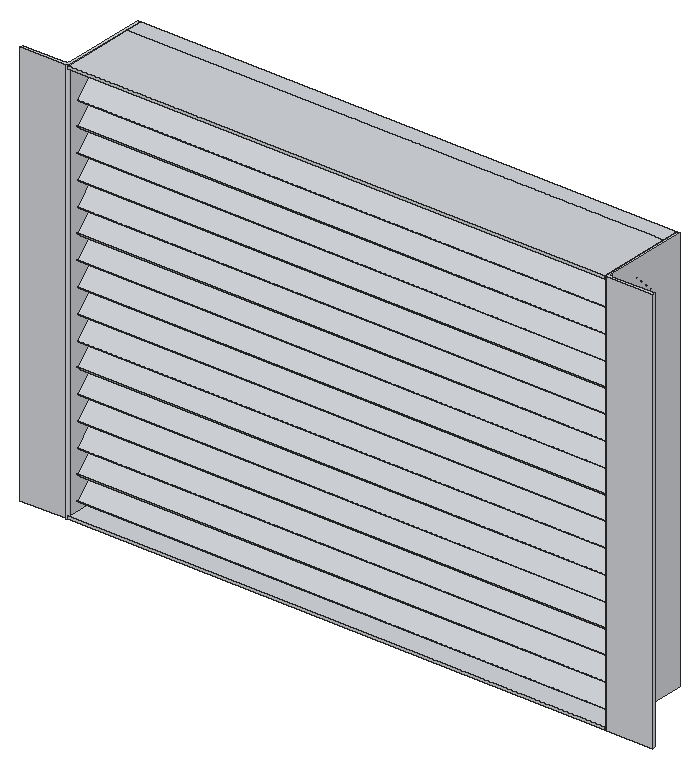
Revit family "FEMA-8 (Internal Mount)", category Mechanical Equipment, Revit 2015
Parameters
  URL = "http://unitedenertech.com/catalog/pdf/A_19h%20FEMA-8-InternalSubmittal.pdf"
  Type Comments = "Max. Single Section Size is (120\"w x 76\"h) or (76\"w x 120\"h)"
  Model = "FEMA-8 (Internal Mount)"
  Manufacturer = "United Enertech Corporation"
  Keynote = "Jamb Flange Mount Shown, See Website for Other Options"
  Exact Width = 4' - 0"
  Exact Height = 3' - 0"
  Description = "8\" Deep FEMA Grille"
  Blade Spacing = 0' - 2 1/8"
  Blade Number [instance] = rounddown((Exact Height - 0' 1 11/16") / 0' 2 1/8")  # 16
  Blade Brace Visibility [instance] = if(Exact Width > 4' 11 115/128", 2 > 1, 1 > 2)  # no
Reference planes (in)
  plane 1 "Center (Front/Back)": y = 0
  plane 2: z = 0
  plane 3 "Center (Left/Right)": x = 0
  plane 4: x = -24
  plane 5: x = 24
  plane 6: z = 36
  plane 7: x = -23.75
  plane 8: x = 23.75
  plane 9: z = 34.55806
  plane 10: z = 0.25
  plane 11: z = 35.75
  plane 12: x = -0.125
Forms (in)
  Extrusion 1, solid
    sketch origin (-39.5493, 49.5493, 24.45682) x (0, 1, 0) y (0, 0, -1)
      loop
        line (-49.5493, 24.45682) -> (-49.5493, 24.20682) -> (-43.01891, 24.20682) -> (-41.5493, 24.20682) -> (-41.5493, 24.45682) -> (-49.5493, 24.45682)
    from -63.2993 to -15.7993
  Extrusion 2, solid
    sketch origin (3.54615, 53.3853, 0) x (0, 1, 0) y (-1, 0, 0)
      loop
        line (-53.1353, 31.54615) -> (-53.3853, 31.54615) -> (-53.3853, 27.54615)
        arc (-53.3853, 27.54615) -> (-53.31208, 27.36937) -> (-53.1353, 27.29615) r 0.25
        line (-53.1353, 27.29615) -> (-45.3853, 27.29615) -> (-45.3853, 27.54615) -> (-52.8853, 27.54615)
        arc (-52.8853, 27.54615) -> (-53.06208, 27.61937) -> (-53.1353, 27.79615) r 0.25
        line (-53.1353, 27.79615) -> (-53.1353, 31.54615)
    from 0 to 36
  Extrusion 3, solid
    sketch origin (-3.54615, 53.3853, 0) x (0, 1, 0) y (-1, 0, 0)
      loop
        line (-53.1353, -31.54615) -> (-53.1353, -27.79615)
        arc (-53.1353, -27.79615) -> (-53.06208, -27.61937) -> (-52.8853, -27.54615) r 0.25
        line (-52.8853, -27.54615) -> (-45.3853, -27.54615) -> (-45.3853, -27.29615) -> (-53.1353, -27.29615)
        arc (-53.1353, -27.29615) -> (-53.31208, -27.36937) -> (-53.3853, -27.54615) r 0.25
        line (-53.3853, -27.54615) -> (-53.3853, -31.54615) -> (-53.1353, -31.54615)
    from 0 to 36
  Extrusion 4, solid
    sketch origin (-39.5493, 49.5493, 48.20682) x (0, 1, 0) y (0, 0, -1)
      loop
        line (-49.5493, 12.45682) -> (-49.5493, 12.20682) -> (-43.01891, 12.20682) -> (-41.5493, 12.20682) -> (-41.5493, 12.45682) -> (-49.5493, 12.45682)
    from -63.2993 to -15.7993
  Extrusion 5, solid, visible <- "Blade Brace Visibility"
    sketch origin (50.94365, -4.40798, 0) x (1, 0, 0) y (0, 1, 0)
      loop
        line (-50.81865, 9.2893) -> (-50.81865, 10.5393) -> (-50.81865, 10.7893) -> (-51.06865, 10.7893) -> (-51.06865, 9.2893) -> (-50.81865, 9.2893)
    from 0.25 to 35.75
Dimensions and locks (in)
  equal spacing: plane 4, plane 3 "Center (Left/Right)", plane 5
  "Exact Width": plane 4 to plane 5
  "Exact Height": plane 6 to level
  locked: plane 4 to plane 7 at 0.25
  locked: plane 8 to plane 5 at 0.25
  locked: plane 6 to plane 9 at 1.44194
  equal spacing: group 1, group 2, group 3, group 4, group 5, group 6, group 7, group 8, group 9, group 10, group 11, group 12, group 13, group 14, group 15, group 16  (x2)
  equal spacing: group 16, group 15, group 14, group 13, group 12, group 11, group 10, group 9, group 8, group 7, group 6, group 5, group 4, group 3, group 2, group 1
  "Blade Spacing": nested 2 to nested 1
  locked: plane 10 to level at 0.25
  locked: plane 6 to plane 11 at 0.25
  locked: plane 12 to plane 3 "Center (Left/Right)" at 0.125
  aligned and locked: level to plane 2
  aligned and locked: plane 8 to Extrusion 1
  aligned and locked: Extrusion 1 to plane 7
  aligned and locked: plane 6 to Extrusion 2
  aligned and locked: plane 6 to Extrusion 3
  aligned and locked: Extrusion 3 to level
  aligned and locked: Extrusion 2 to level
  aligned and locked: plane 6 to Extrusion 4
  aligned and locked: Extrusion 4 to plane 7
  aligned and locked: plane 8 to Extrusion 4
  aligned and locked: plane 3 "Center (Left/Right)" to nested 1
  aligned and locked: nested 1 to plane 9
  aligned and locked: nested 2 to nested 1
  aligned and locked: Extrusion 5 to plane 10
  aligned and locked: plane 11 to Extrusion 5
  aligned and locked: Extrusion 5 to plane 12
Automatic sketch dimensions
  Extrusion 1 sketch curve to plane 1 "Center (Front/Back)" = 0' - 0"
  Extrusion 1 sketch curve to level = 0' - 0"
  level to Extrusion 1 sketch curve = 0' - 0 1/4"
  Extrusion 1 sketch curve to plane 1 "Center (Front/Back)" = 0' - 6.5304"
  Extrusion 1 sketch curve to Extrusion 1 sketch curve = 0' - 1.4696"
  plane 1 "Center (Front/Back)" to Extrusion 2 sketch curve = 0' - 0"
  Extrusion 2 sketch curve to plane 7 = 0' - 0"
  Extrusion 2 sketch curve to plane 4 = 0' - 0"  (x2)
  Extrusion 2 sketch curve to plane 1 "Center (Front/Back)" = 0' - 0 1/4"
  plane 4 to Extrusion 2 sketch curve = 0' - 0 1/4"
  Extrusion 2 sketch curve to Extrusion 2 sketch curve = 0' - 7 1/2"
  Extrusion 2 sketch curve to Extrusion 2 sketch curve = 0' - 3 3/4"
  plane 1 "Center (Front/Back)" to Extrusion 3 sketch curve = 0' - 0"
  Extrusion 3 sketch curve to plane 8 = 0' - 0"
  Extrusion 3 sketch curve to plane 5 = 0' - 0"  (x2)
  Extrusion 3 sketch curve to Extrusion 3 sketch curve = 0' - 0 1/4"  (x2)
  Extrusion 3 sketch curve to Extrusion 3 sketch curve = 0' - 7 1/2"
  Extrusion 3 sketch curve to Extrusion 3 sketch curve = 0' - 3 3/4"
  Extrusion 4 sketch curve to plane 1 "Center (Front/Back)" = 0' - 0"
  Extrusion 4 sketch curve to Extrusion 4 sketch curve = 0' - 6.5304"
  Extrusion 4 sketch curve to Extrusion 4 sketch curve = 0' - 1.4696"
  level to Extrusion 4 sketch curve = 3' - 0"
  Extrusion 4 sketch curve to Extrusion 4 sketch curve = 0' - 0 1/4"
  Extrusion 5 sketch curve to plane 4 = 1' - 11 7/8"
  Extrusion 5 sketch curve to Extrusion 5 sketch curve = 0' - 0 1/4"  (x2)
  Extrusion 5 sketch curve to plane 1 "Center (Front/Back)" = 0' - 6.13132"
  Extrusion 5 sketch curve to Extrusion 5 sketch curve = 0' - 1 1/4"
Nested families (in)
  nested 1: "FEMURBLADE" at (0, 0.70094, 27.85095), type "FEMURBLADE"
    with Blade Width 4' - 0"
  nested 2: "FEMURBLADE" at (0, 0.70094, 25.72595), type "FEMURBLADE"
    with Blade Width 4' - 0"
  nested 3: "FEMURBLADE" at (0, 0.70094, 23.60095), type "FEMURBLADE"
    with Blade Width 4' - 0"
  nested 4: "FEMURBLADE" at (0, 0.70094, 21.47595), type "FEMURBLADE"
    with Blade Width 4' - 0"
  nested 5: "FEMURBLADE" at (0, 0.70094, 19.35095), type "FEMURBLADE"
    with Blade Width 4' - 0"
  nested 6: "FEMURBLADE" at (0, 0.70094, 17.22595), type "FEMURBLADE"
    with Blade Width 4' - 0"
  nested 7: "FEMURBLADE" at (0, 0.70094, 15.10095), type "FEMURBLADE"
    with Blade Width 4' - 0"
  nested 8: "FEMURBLADE" at (0, 0.70094, 12.97595), type "FEMURBLADE"
    with Blade Width 4' - 0"
  nested 9: "FEMURBLADE" at (0, 0.70094, 10.85095), type "FEMURBLADE"
    with Blade Width 4' - 0"
  nested 10: "FEMURBLADE" at (0, 0.70094, 8.72595), type "FEMURBLADE"
    with Blade Width 4' - 0"
  nested 11: "FEMURBLADE" at (0, 0.70094, 6.60095), type "FEMURBLADE"
    with Blade Width 4' - 0"
  nested 12: "FEMURBLADE" at (0, 0.70094, 4.47595), type "FEMURBLADE"
    with Blade Width 4' - 0"
  nested 13: "FEMURBLADE" at (0, 0.70094, 2.35095), type "FEMURBLADE"
    with Blade Width 4' - 0"
  nested 14: "FEMURBLADE" at (0, 0.70094, 0.22595), type "FEMURBLADE"
    with Blade Width 4' - 0"
  nested 15: "FEMURBLADE" at (0, 0.70094, -1.89905), type "FEMURBLADE"
    with Blade Width 4' - 0"
  nested 16: "FEMURBLADE" at (0, 0.70094, -4.02405), type "FEMURBLADE"
    with Blade Width 4' - 0"
Definition of nested family "FEMURBLADE"
  Parameters (values of type "FEMURBLADE")
    Blade Width = 1' - 0"
  Reference planes (in)
    plane 1 "Center (Front/Back)": y = 0
    plane 2: z = 0
    plane 3 "Center (Left/Right)": x = 0
    plane 4: x = -6
    plane 5: x = 6
  Forms (in)
    Extrusion 1, solid
      sketch origin (-5.80963, 2.23001, 3.57962) x (0, 1, 0) y (0, 0, 1)
        loop
          line (-1.93095, 1.44811) -> (-1.75417, 1.27133) -> (0.01359, 3.0391) -> (0.10198, 3.12749) -> (0.27876, 3.12749) -> (0.36715, 3.0391) -> (2.13491, 1.27133) -> (2.31169, 1.44811) -> (0.19037, 3.56943) -> (-1.93095, 1.44811)
      from -0.19037 to 11.80963
  Dimensions and locks (in)
    equal spacing: plane 4, plane 3 "Center (Left/Right)", plane 5
    "Blade Width": plane 4 to plane 5
    aligned and locked: level to plane 2
    aligned and locked: plane 5 to Extrusion 1
    aligned and locked: plane 4 to Extrusion 1
  Automatic sketch dimensions
    Extrusion 1 sketch curve to plane 1 "Center (Front/Back)" = 0' - 0.29906"
    Extrusion 1 sketch curve to Extrusion 1 sketch curve = 0' - 0.17678"  (x3)
    Extrusion 1 sketch curve to plane 1 "Center (Front/Back)" = 0' - 2.2436"
    Extrusion 1 sketch curve to Extrusion 1 sketch curve = 0' - 0.08839"  (x4)
    Extrusion 1 sketch curve to Extrusion 1 sketch curve = 0' - 1.76777"
    level to Extrusion 1 sketch curve = 0' - 4.85095"
    Extrusion 1 sketch curve to Extrusion 1 sketch curve = 0' - 0"
